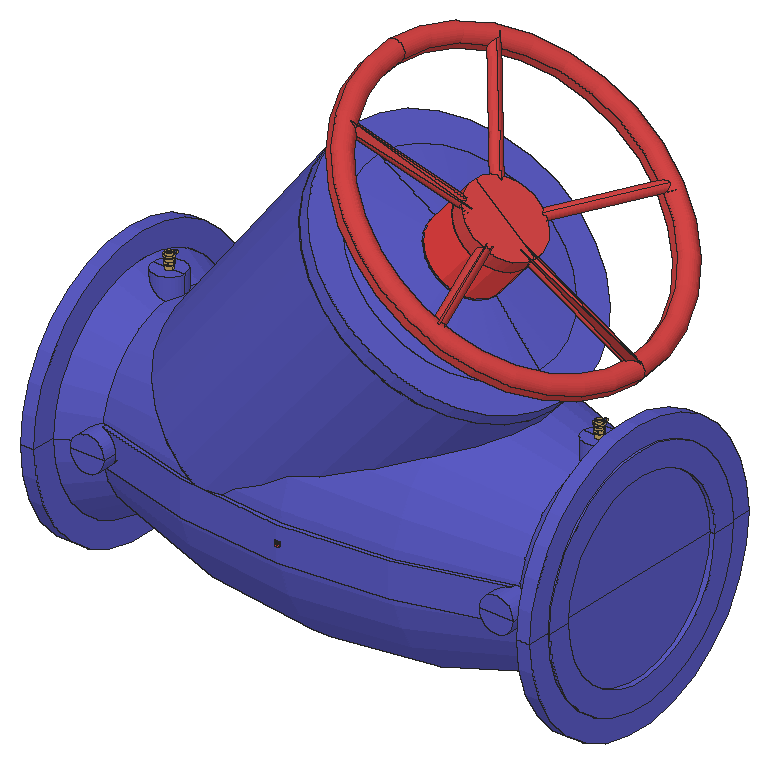
Revit family "HERZ Strömax Балансировочный клапан с измерительными клапанами, шпиндель наклонный 4220 GF PN25", category Rohrzubehör, Revit 2021
Family settings
  Bemaßung runder Anschluss = Durchmesser verwenden
  Teiletyp = Unterbricht
  OmniClass-Nummer = 23.65.55.14
  OmniClass-Titel = Valves for Liquid Services
  Arbeitsebenenbasiert = Nein
  Immer vertikal = Ja
  Beim Laden mit Abzugskörper schneiden = Nein
  Gemeinsam genutzt = Nein
Parameters
  Шпиндель = "нержавеющая сталь"  # constant formula
  Среда = "Допускается использование этилен- и пропиленгликоля в концентрации смеси 25-50% объема.\r\nКачество теплоносителя согласно ÖNORM H 5195 и VDI 2035."
  Область применения = "Для гидравлической балансировки в системах отопления или охлаждения, регулирования и перекрытия трубопроводов, стояков, теплообменников, тепловых и холодильных регистров."
  Номер заказа [instance] = size_lookup("4220_GF_25_", "Artnr", 0, Nennweite)  # 1422089
  Мин. рабочая температура = -10 °C  # constant formula
  Макс. рабочее давление = 2500000.0 Pa  # constant formula
  Макс. рабочая температура = 110 °C  # constant formula
  Корпус = "чугун с шаровидным графитом EN-GJS-400-15"  # constant formula
  Исполнение = "Балансировочный клапан STRÖMAX-GF с измерительными клапанами, DN 350-500, корпус из чугуна с шаровидным графитом GJS 400-15 в соответствии с EN 1561, фланцы в соответствии с EN 1092, PN 16 или PN 25, покрыт синей эмалью.\r\nБукса из чугуна с шаровидным графитом GJS 400-15, с неподнимающимся шпинделем, уплотнение шпинделя с посощью тройных кольцевых уплотнений.\r\nЦифровой лимб указателя настройки."
  Измерение перепада давления = "Балансировочный клапан STRÖMAX GF оборудован двумя измерительными клапанами:\r\nпри использовании соответствующего измерительного прибора можно измерить перепад давления и благодаря этому можно соответственно определить расход."
  Букса = "чугун с шаровидным графитом EN-GJS-400-15"  # constant formula
  Счетное устройство = "пластмасса"  # constant formula
  kvs-значения [instance] = if(Nennweite = 350.00 mm, 2917.6, if(Nennweite = 400.00 mm, 3854.8, if(Nennweite = 500.00 mm, 5250.6, 0)))  # 2917.6
  W02 = 60.00°  # constant formula
  W01 = 50.00°  # constant formula
  Кегель клапана = "чугун с шаровидным графитом EN-GJS-400-15 согласно EN 1561 / EPDM с покрытием"  # constant formula
  Vorgabe-Ansicht = 0.00 mm
  S01 [instance] = Nennweite + 10.00 mm  # 360.00 mm
  Регулирующий шпиндель = "нержавеющая сталь"  # constant formula
  O-Ring = "EPDM"  # constant formula
  L04 [instance] = size_lookup("4220_GF_25_", "L4", 1.00 mm, Nennweite)  # 209.00 mm
  H11 = 85.00 mm  # constant formula
  H10 [instance] = H07 + H03  # 569.50 mm
  H08 = 47.00 mm  # constant formula
  H07 = 50.00 mm  # constant formula
  H06 = 27.00 mm  # constant formula
  H05 [instance] = H04 + 25.00 mm  # 495.00 mm
  H04 [instance] = size_lookup("4220_GF_25_", "H4", 1.00 mm, Nennweite)  # 470.00 mm
  H03 [instance] = size_lookup("4220_GF_25_", "H3", 1.00 mm, Nennweite)  # 519.50 mm
  Вес [instance] = if(Nennweite = 350.00 mm, "560.0 kg", if(Nennweite = 400.00 mm, "611.0 kg", if(Nennweite = 500.00 mm, "1109.0 kg", "0")))  # "560.0 kg"
  URL = "www.herz-armaturen.ru"
  SCRNSEQ = "ARM;ARM_TYP=\"STRV\";2"
  SCRNCODE = "05;07;02"  # constant formula
  R02 [instance] = size_lookup("4220_GF_25_", "R2", 1.00 mm, Nennweite)  # 30.00 mm
  R01 [instance] = size_lookup("4220_GF_25_", "R1", 1.00 mm, Nennweite)  # 32.50 mm
  Nennweite [instance] = 350.00 mm
  L03 [instance] = size_lookup("4220_GF_25_", "L3", 1.00 mm, Nennweite)  # 410.00 mm
  L02 [instance] = size_lookup("4220_GF_25_", "L2", 1.00 mm, Nennweite)  # 390.00 mm
  L01 [instance] = size_lookup("4220_GF_25_", "L1", 1.00 mm, Nennweite)  # 397.50 mm
  L00 [instance] = size_lookup("4220_GF_25_", "L", 1.00 mm, Nennweite)  # 980.00 mm
  Hersteller = "HERZ Armaturen Ges.m.b.H."  # constant formula
  H09 [instance] = H03  # 519.50 mm
  H02 [instance] = size_lookup("4220_GF_25_", "H2", 1.00 mm, Nennweite)  # 215.00 mm
  H01 [instance] = size_lookup("4220_GF_25_", "H1", 1.00 mm, Nennweite)  # 220.00 mm
  GT = 10.00 mm  # constant formula
  FLL02 [instance] = size_lookup("4220_GF_25_", "FLL2", 1.00 mm, Nennweite)  # 26.00 mm
  FLL01 [instance] = size_lookup("4220_GF_25_", "FLL1", 1.00 mm, Nennweite)  # 4.00 mm
  FLD03 [instance] = size_lookup("4220_GF_25_", "FLD3", 1.00 mm, Nennweite)  # 177.80 mm
  FLD02 [instance] = size_lookup("4220_GF_25_", "FLD2", 1.00 mm, Nennweite)  # 214.00 mm
  FLD01 [instance] = size_lookup("4220_GF_25_", "FLD1", 1.00 mm, Nennweite)  # 219.00 mm
  FLD00 [instance] = size_lookup("4220_GF_25_", "FLD", 1.00 mm, Nennweite)  # 260.00 mm
  DN500 [instance] = Nennweite = 500.00 mm  # no
  DN400 [instance] = Nennweite = 400.00 mm  # no
  DN350 [instance] = Nennweite = 350.00 mm  # yes
  D05 = 75.00 mm  # constant formula
  D04 [instance] = size_lookup("4220_GF_25_", "D4", 1.00 mm, Nennweite)  # 58.00 mm
  D03 [instance] = size_lookup("4220_GF_25_", "D3", 1.00 mm, Nennweite)  # 240.00 mm
  D02 [instance] = D03 - 20.00 mm  # 220.00 mm
  D01 [instance] = size_lookup("4220_GF_25_", "D1", 1.00 mm, Nennweite)  # 260.00 mm
  D00 [instance] = size_lookup("4220_GF_25_", "D", 1.00 mm, Nennweite)  # 250.00 mm
  BH02 [instance] = -BH01  # -32.50 mm
  BH01 [instance] = size_lookup("4220_GF_25_", "BH1", 1.00 mm, Nennweite)  # 32.50 mm
  Anschluss [instance] = Nennweite / 2  # 175.00 mm
Reference planes
  plane 1 "Mitte (Vorne/hinten)": y = 0
  plane 2: z = 0
  plane 3 "Mitte (Links/rechts)": x = 0
Forms (mm)
  Revolve 1, solid, material "Herz-Marineblau", detail levels fine
    sketch origin (1058.943, 0, 0) x (1, 0, 0) y (0, 1, 0)
      loop
        line (-1544.943, 260) -> (-1544.943, 219) -> (-1548.943, 219) -> (-1548.943, 175) -> (-1538.943, 175) -> (-1538.943, 0) -> (-578.943, 0) -> (-578.943, 175) -> (-568.943, 175) -> (-568.943, 219) -> (-572.943, 219) -> (-572.943, 260) -> (-598.943, 260) -> (-598.943, 214) -> (-661.443, 177.8)
        arc (-661.443, 177.8) -> (-1058.943, 250) -> (-1456.443, 177.8) r 1130.326
        line (-1456.443, 177.8) -> (-1518.943, 214) -> (-1518.943, 260) -> (-1544.943, 260)
      axis (-1548.943, 0) -> (-568.943, 0)
    angle from 0 to 360
  Revolve 2, solid, material "Herz-Marineblau", detail levels fine
    sketch origin (0, 0, 0) x (1, 0, 0) y (0, 1, 0)
      loop
        line (-390, 220) -> (-422.5, 220) -> (-422.5, -220) -> (-390, -220) -> (-390, 220)
      axis (-390, 220) -> (-390, -220)
    angle from 0 to 360
  Revolve 3, solid, material "Herz-Marineblau", detail levels fine
    sketch origin (0, 0, 0) x (-1, 0, 0) y (0, 1, 0)
      loop
        line (-390, 220) -> (-422.5, 220) -> (-422.5, -220) -> (-390, -220) -> (-390, 220)
      axis (-390, 220) -> (-390, -220)
    angle from 0 to 360
  Revolve 4, solid, material "Herz-Marineblau", detail levels fine
    sketch origin (0, 0, 0) x (1, 0, 0) y (0, 0, 1)
      loop
        line (-410, 0) -> (-410, 215) -> (-440, 215) -> (-440, 0) -> (-410, 0)
      axis (-410, 215) -> (-410, 0)
    angle from 0 to 360
  Revolve 5, solid, material "Herz-Marineblau", detail levels fine
    sketch origin (0, 0, 0) x (-1, 0, 0) y (0, 0, 1)
      loop
        line (-410, 0) -> (-410, 215) -> (-440, 215) -> (-440, 0) -> (-410, 0)
      axis (-410, 215) -> (-410, 0)
    angle from 0 to 360
  Extrusion 6, solid, material "Herz-Marineblau", visible <- "DN500", detail levels fine
    sketch origin (0, 0, 0) x (1, 0, 0) y (0, 1, 0)
      loop
        arc (-475, -263.998) -> (0, -282.994) -> (475, -263.998) r 5948.094
        line (475, -263.998) -> (475, 263.998)
        arc (475, 263.998) -> (0, 282.994) -> (-475, 263.998) r 5948.094
        line (-475, 263.998) -> (-475, -263.998)
    from -32.5 <- "BH02" to 32.5 <- "BH01"
  Extrusion 7, solid, material "Herz-Marineblau", visible <- "DN400", detail levels fine
    sketch origin (0, 0, 0) x (1, 0, 0) y (0, 1, 0)
      loop
        arc (-410, -209.712) -> (0, -223.005) -> (410, -209.712) r 6329.849
        line (410, -209.712) -> (410, 209.712)
        arc (410, 209.712) -> (0, 223.005) -> (-410, 209.712) r 6329.849
        line (-410, 209.712) -> (-410, -209.712)
    from -32.5 <- "BH02" to 32.5 <- "BH01"
  Extrusion 8, solid, material "Herz-Marineblau", visible <- "DN350", detail levels fine
    sketch origin (0, 0, 0) x (1, 0, 0) y (0, 1, 0)
      loop
        arc (-390, -185.916) -> (0, -255.071) -> (390, -185.916) r 1134.286
        line (390, -185.916) -> (390, 185.916)
        arc (390, 185.916) -> (0, 255.071) -> (-390, 185.916) r 1134.286
        line (-390, 185.916) -> (-390, -185.916)
    from -32.5 <- "BH02" to 32.5 <- "BH01"
  Revolve 9, solid, material "Herz-Marineblau", detail levels fine
    sketch origin (0, 0, 0) x (1, 0, 0) y (0, 0, 1)
      loop
        line (-209, 0) -> (124.928, 397.96) -> (-74.243, 565.085) -> (-361.033, 192.188) -> (-361.781, 160.181) -> (-209, 0)
      axis (-209, 0) -> (124.928, 397.96)
    angle from 0 to 360
  Revolve 10, solid, material "Herz-Marineblau", detail levels fine
    sketch origin (0, 0, 0) x (1, 0, 0) y (0, 0, 1)
      loop
        line (124.928, 397.96) -> (157.068, 436.262) -> (99.614, 484.471) -> (97.686, 482.173)
        arc (97.686, 482.173) -> (43.802, 517.303) -> (-12.458, 548.486) r 898.044
        line (-12.458, 548.486) -> (-56.888, 585.768) -> (-74.243, 565.085) -> (124.928, 397.96)
      axis (157.068, 436.262) -> (124.928, 397.96)
    angle from 0 to 360
  Revolve 11, solid, material "Kunsstoff rot", detail levels fine
    sketch origin (0, 0, 0) x (1, 0, 0) y (0, 0, 1)
      loop
        line (157.068, 436.262) -> (211.704, 501.376) -> (154.251, 549.585) -> (99.614, 484.471) -> (157.068, 436.262)
      axis (211.704, 501.376) -> (157.068, 436.262)
    angle from 0 to 360
Lines and regions (mm)
  model lines, detail levels coarse+medium
    curve 1: line (-490, 0, 260) -> (-490, 0, -260)
    curve 2: line (-490, 0, -260) -> (490, 0, 260)
    curve 3: line (490, 0, 260) -> (490, 0, -260)
    curve 4: line (490, 0, -260) -> (-490, 0, 260)
    curve 5: line (0, 0, 0) -> (299.933, 0, 519.5)
    curve 6: line (144.049, 0, 609.5) -> (455.818, 0, 429.5)
    curve 7: line (-490, 260, 0) -> (-490, -260, 0)
    curve 8: line (-490, -260, 0) -> (490, 260, 0)
    curve 9: line (490, 260, 0) -> (490, -260, 0)
    curve 10: line (490, -260, 0) -> (-490, 260, 0)
    curve 11: line (0, 0, 0) -> (299.933, 519.5, 0)
    curve 12: line (144.049, 609.5, 0) -> (455.818, 429.5, 0)
Dimensions and locks
  "FLD00": plane 1 "Mitte (Vorne/hinten)" to Revolve 1 sketch curve
  "FLD01": plane 1 "Mitte (Vorne/hinten)" to Revolve 1 sketch curve
  "FLD02": plane 1 "Mitte (Vorne/hinten)" to Revolve 1 sketch curve  (x2)
  "FLD03": plane 1 "Mitte (Vorne/hinten)" to Revolve 1 sketch curve  (x2)
  "GT": Revolve 1 sketch curve to Revolve 1 sketch curve  (x2)
  "FLL01": Revolve 1 sketch curve to Revolve 1 sketch curve  (x2)
  "FLL02": Revolve 1 sketch curve to Revolve 1 sketch curve  (x2)
  equal spacing: Revolve 1 sketch curve, plane 3 "Mitte (Links/rechts)", Revolve 1 sketch curve
  "Anschluss": Revolve 1 sketch curve to plane 1 "Mitte (Vorne/hinten)"
  "Anschluss": plane 1 "Mitte (Vorne/hinten)" to Revolve 1 sketch curve
  "FLD01": Revolve 1 sketch curve to plane 1 "Mitte (Vorne/hinten)"
  "FLD00": Revolve 1 sketch curve to plane 1 "Mitte (Vorne/hinten)"
  "L00": Revolve 1 sketch curve to Revolve 1 sketch curve
  "D00": plane 1 "Mitte (Vorne/hinten)" to Revolve 1 sketch curve
  "L01": Revolve 1 sketch curve to plane 3 "Mitte (Links/rechts)" to Revolve 1 sketch curve
  "L02": Revolve 2 sketch curve to plane 3 "Mitte (Links/rechts)"
  "R01": Revolve 2 sketch curve to Revolve 2 sketch curve
  "H01": Revolve 2 sketch curve to plane 1 "Mitte (Vorne/hinten)" to Revolve 2 sketch curve
  "L02": plane 3 "Mitte (Links/rechts)" to Revolve 3 sketch curve
  "R01": Revolve 3 sketch curve to Revolve 3 sketch curve
  "H01": Revolve 3 sketch curve to plane 1 "Mitte (Vorne/hinten)" to Revolve 3 sketch curve
  "L03": plane 3 "Mitte (Links/rechts)" to Revolve 4 sketch curve
  "R02": Revolve 4 sketch curve to Revolve 4 sketch curve
  "H02": Revolve 4 sketch curve to plane 2
  "R02": Revolve 5 sketch curve to Revolve 5 sketch curve
  "L03": Revolve 5 sketch curve to plane 3 "Mitte (Links/rechts)"
  "H02": Revolve 5 sketch curve to plane 2
  "L03": plane 3 "Mitte (Links/rechts)" to nested 1
  "L03": nested 2 to plane 3 "Mitte (Links/rechts)"
  "H02": nested 1 to plane 2
  "H02": nested 2 to plane 2
  "FLD00": curve 4 to plane 2 to curve 2
  "FLD00": curve 3 to plane 2 to curve 4
  equal spacing: curve 1, plane 3 "Mitte (Links/rechts)", curve 3
  "L00": curve 1 to curve 3
  "H09": curve 5 to plane 2
  equal spacing: curve 1, curve 5, curve 3
  equal spacing: curve 6, curve 5, curve 6
  "S01": curve 6 to curve 6
  "FLD00": curve 8 to plane 1 "Mitte (Vorne/hinten)" to curve 10
  "FLD00": curve 10 to plane 1 "Mitte (Vorne/hinten)" to curve 9
  equal spacing: curve 7, plane 3 "Mitte (Links/rechts)", curve 9
  "L00": curve 7 to curve 9
  equal spacing: curve 7, curve 11, curve 9
  "H09": plane 1 "Mitte (Vorne/hinten)" to curve 11
  equal spacing: curve 12, curve 11, curve 12
  "S01": curve 12 to curve 12
  "L04": plane 3 "Mitte (Links/rechts)" to Revolve 9 sketch curve  (x2)
  "H03": Revolve 9 sketch curve to Revolve 9 sketch curve
  "D02": Revolve 9 sketch curve to Revolve 9 sketch curve
  "H05": Revolve 9 sketch curve to Revolve 9 sketch curve
  "H04": Revolve 9 sketch curve to Revolve 9 sketch curve
  "D03": Revolve 9 sketch curve to Revolve 9 sketch curve
  "H03": Revolve 10 sketch curve to Revolve 10 sketch curve
  "D01": Revolve 10 sketch curve to Revolve 10 sketch curve  (x2)
  "D04": Revolve 10 sketch curve to Revolve 10 sketch curve
  "D05": Revolve 10 sketch curve to Revolve 10 sketch curve
  "H06": Revolve 9 to Revolve 10 sketch curve
  "H07": Revolve 9 to Revolve 10 sketch curve
  "H08": Revolve 9 to Revolve 10 sketch curve
  "L04": plane 3 "Mitte (Links/rechts)" to Revolve 10 sketch curve
  "D01": Revolve 9 sketch curve to Revolve 9 sketch curve
  "L04": plane 3 "Mitte (Links/rechts)" to Revolve 11 sketch curve
  "H11": Revolve 10 to Revolve 11 sketch curve
  "D05": Revolve 11 sketch curve to Revolve 11 sketch curve  (x2)
  "H10": Revolve 11 sketch curve to Revolve 11 sketch curve
  "W02": angle plane 2 to curve 5
  "W02": angle plane 1 "Mitte (Vorne/hinten)" to curve 11
  "W01": angle plane 2 to Revolve 9 sketch curve  (x2)
  "W01": angle plane 2 to Revolve 10 sketch curve  (x2)
  "W01": angle plane 2 to Revolve 11 sketch curve  (x2)
  aligned and locked: level to plane 2
Automatic sketch dimensions
  Extrusion 6 sketch curve to plane 3 "Mitte (Links/rechts)" = 0.00 mm  (x2)
  plane 1 "Mitte (Vorne/hinten)" to Extrusion 6 sketch curve = 263.998 mm
  Extrusion 6 sketch curve to plane 3 "Mitte (Links/rechts)" = 475.00 mm
  Extrusion 6 sketch curve to Extrusion 6 sketch curve = 5401.102 mm
  Extrusion 6 sketch curve to plane 1 "Mitte (Vorne/hinten)" = 5665.10 mm
  Extrusion 6 sketch curve to plane 1 "Mitte (Vorne/hinten)" = 263.998 mm  (x2)
  Extrusion 7 sketch curve to plane 3 "Mitte (Links/rechts)" = 0.00 mm  (x2)
  plane 1 "Mitte (Vorne/hinten)" to Extrusion 7 sketch curve = 209.712 mm  (x2)
  Extrusion 7 sketch curve to plane 3 "Mitte (Links/rechts)" = 410.00 mm
  Extrusion 7 sketch curve to Extrusion 7 sketch curve = 5897.131 mm
  Extrusion 7 sketch curve to plane 1 "Mitte (Vorne/hinten)" = 6106.844 mm
  Extrusion 7 sketch curve to plane 1 "Mitte (Vorne/hinten)" = 209.712 mm
  Extrusion 8 sketch curve to plane 3 "Mitte (Links/rechts)" = 0.00 mm  (x2)
  plane 1 "Mitte (Vorne/hinten)" to Extrusion 8 sketch curve = 185.916 mm
  Extrusion 8 sketch curve to plane 3 "Mitte (Links/rechts)" = 390.00 mm
  Extrusion 8 sketch curve to Extrusion 8 sketch curve = 693.298 mm
  Extrusion 8 sketch curve to plane 1 "Mitte (Vorne/hinten)" = 879.214 mm
  Extrusion 8 sketch curve to plane 1 "Mitte (Vorne/hinten)" = 185.916 mm  (x2)
  plane 1 "Mitte (Vorne/hinten)" to Revolve 1 sketch curve = 0.00 mm  (x2)
  Revolve 1 sketch curve to Revolve 1 sketch curve = 35.00 mm
  Revolve 1 sketch curve to Revolve 1 sketch curve = 40.00 mm
  Revolve 2 sketch curve to Revolve 2 sketch curve = 0.00 mm  (x3)
  Revolve 3 sketch curve to Revolve 3 sketch curve = 0.00 mm  (x3)
  Revolve 4 sketch curve to level = 0.00 mm  (x2)
  Revolve 4 sketch curve to Revolve 4 sketch curve = 0.00 mm  (x2)
  Revolve 5 sketch curve to level = 0.00 mm  (x2)
  Revolve 5 sketch curve to Revolve 5 sketch curve = 0.00 mm  (x2)
  Revolve 9 sketch curve to level = 0.00 mm  (x2)
  Revolve 10 sketch curve to level = 0.00 mm
  Revolve 10 sketch curve to level = 252.062 mm
  Revolve 11 sketch curve to level = 0.00 mm
Nested families
  nested 1: "Messstutzen_Band_Eintritt_senkrecht_(oben)" at (-410, 0, 206), type "Messstutzen_Band_Eintritt_senkrecht_(oben)", detail levels fine
    with Schutzkappe yes, Nennweite 0.00 mm, Gewicht 0.00 kg, Bestellnummer 0
  nested 2: "Messstutzen_Band_Austritt_senkrecht_(oben)" at (410, 0, 206), type "Messstutzen_Band_Austritt_senkrecht_(oben)", detail levels fine
    with Schutzkappe yes, Nennweite 0.00 mm, Gewicht 0.00 kg, Bestellnummer 0
  nested 3: "Herz-Logo-vorne" at (0, -282.994, 0) x (0, 1, 0) z (0, 0, 1), visible <- "DN500", type "Herz-Logo-vorne", detail levels fine
  nested 4: "Herz-Logo-vorne" at (0, -221.503, 0) x (0, 1, 0) z (0, 0, 1), visible <- "DN400", type "Herz-Logo-vorne", detail levels fine
  nested 5: "Herz-Logo-vorne" at (0, -255.053, 0) x (0, 1, 0) z (0, 0, 1), visible <- "DN350", type "Herz-Logo-vorne", detail levels fine
  nested 6: "Strangregulierventil-Handrad_VOLL-Schräg (Rot) DN350-DN400" at (211.704, 0, 501.376), visible <- "DN350", type "Strangregulierventil-Handrad_VOLL-Schräg (Rot) DN350-DN400"
    with DN300 yes
  nested 7: "Strangregulierventil-Handrad_VOLL-Schräg (Rot) DN350-DN400" at (230.272, 0, 547.339), visible <- "DN400", type "Strangregulierventil-Handrad_VOLL-Schräg (Rot) DN350-DN400"
    with DN300 yes
  nested 8: "Strangregulierventil-Handrad_VOLL-Schräg (Rot) DN500" at (262.637, 0, 616.896), visible <- "DN500", type "Strangregulierventil-Handrad_VOLL-Schräg (Rot) DN500", detail levels fine
    with DN300 yes
Connectors
  piping at (-490, 0, 0), diameter 350, driven by "Nennweite"
    settings: on Revolve 1, index 1, connector inside diameter 609.6 mm, connector length 0.00 mm, flow factor 0, pipe flow 0.0 L/s, pressure drop 0.0 Pa, fitting loss kfactor 0, connector angle 0.00°, fixture units 0, engagement length 0.00 mm, angle of deflection 0.00°, flow configuration 0, flow direction 1, fitting loss method 0, system type 29, joint type 0, gender type 0, connector reference index -1, connector utility 0, adjustable connector no, is connector primary yes, connector description ""
  piping at (490, 0, 0), diameter 350, driven by "Nennweite"
    settings: on Revolve 1, index 2, connector inside diameter 609.6 mm, connector length 0.00 mm, flow factor 0, pipe flow 0.0 L/s, pressure drop 0.0 Pa, fitting loss kfactor 0, connector angle 0.00°, fixture units 0, engagement length 0.00 mm, angle of deflection 0.00°, flow configuration 0, flow direction 2, fitting loss method 0, system type 29, joint type 0, gender type 0, connector reference index -1, connector utility 0, adjustable connector no, is connector primary no, connector description ""
Definition of nested family "Messstutzen_Band_Eintritt_senkrecht_(oben)"
  Parameters (values of type "Messstutzen_Band_Eintritt_senkrecht_(oben)")
    Default Elevation = 0.00 mm
    URL = "www.herz-armaturen.at"
    Schutzkappe [instance] = yes
    Nennweite [instance] = 0.00 mm
    Manufacturer = "Herz Armaturen GmbH"  # constant formula
    Gewicht [instance] = 0.00 kg
    Bestellnummer [instance] = 0
  Reference planes
    plane 1 "Mitte (Vorne/hinten)": y = 0
    plane 2: z = 0
    plane 3 "Mitte (Links/rechts)": x = 0
    plane 4 "Schlaufe 1": z = -27
    plane 5 "Schlaufe 2": z = -31.678
  Forms (mm)
    Revolve 1, solid, detail levels fine
      sketch origin (0, 0, 0) x (1, 0, 0) y (0, 0, 1)
        loop
          line (-7.4, 9) -> (-5.55, 9) -> (-5.55, 6)
          arc (-5.55, 6) -> (-5.626, 5.617) -> (-5.843, 5.293) r 1
          line (-5.843, 5.293) -> (-6.455, 4.681) -> (-6.455, 0.9) -> (-5.555, 0) -> (-2, 0) -> (-2, 17.5) -> (-8.4, 17.5)
          arc (-8.4, 17.5) -> (-7.693, 17.207) -> (-7.4, 16.5) r 1
          line (-7.4, 16.5) -> (-7.4, 9)
        loop
          line (-3.7, 27) -> (-7.3, 27) -> (-7.9, 26.4) -> (-7.9, 23) -> (-2, 23) -> (-2, 35.8) -> (-3.805, 35.8) -> (-4.415, 35.19) -> (-4.415, 30.863) -> (-3.7, 30.45) -> (-3.7, 27)
        axis (0, 0) -> (0, 35.8)
      angle from 0 to 360
    Extrusion 2, solid, detail levels fine
      sketch origin (0, 0, 17.5) x (0, 1, 0) y (-1, 0, 0)
        loop
          arc (-7.07, 5.156) -> (-7.578, 4.375) -> (-8, 3.544) r 8.75
          line (-8, 3.544) -> (-8, -3.544)
          arc (-8, -3.544) -> (-7.578, -4.375) -> (-7.07, -5.156) r 8.75
          line (-7.07, -5.156) -> (-0.93, -8.7)
          arc (-0.93, -8.7) -> (0, -8.75) -> (0.93, -8.7) r 8.75
          line (0.93, -8.7) -> (7.07, -5.156)
          arc (7.07, -5.156) -> (7.578, -4.375) -> (8, -3.544) r 8.75
          line (8, -3.544) -> (8, 3.544)
          arc (8, 3.544) -> (7.578, 4.375) -> (7.07, 5.156) r 8.75
          line (7.07, 5.156) -> (0.93, 8.7)
          arc (0.93, 8.7) -> (0, 8.75) -> (-0.93, 8.7) r 8.75
          line (-0.93, 8.7) -> (-7.07, 5.156)
      from 0 to 5.5
    Revolve 3, solid, visible <- "Schutzkappe", detail levels fine
      sketch origin (0, 0, 0) x (1, 0, 0) y (0, 0, 1)
        loop
          line (0, 35.878) -> (0, 36.678) -> (-7, 36.678) -> (-7, 33.378) -> (-6.1, 33.378) -> (-6.1, 31.678) -> (-6.9, 31.678) -> (-6.9, 30.178) -> (-4.415, 30.178) -> (-4.415, 35.268) -> (-3.805, 35.878) -> (0, 35.878)
        axis (0, 30.178) -> (0, 36.678)
      angle from 0 to 360
    Extrusion 4, solid, detail levels fine
      sketch origin (0, 0, 28.5) x (1, 0, 0) y (0, 1, 0)
        loop
          circle (0, 0) r 3.7
        loop
          arc (-3.906, 5.505) -> (0, -6.75) -> (3.906, 5.505) r 6.75
          arc (3.906, 5.505) -> (2.358, 7.288) -> (1.8, 9.582) r 5
          line (1.8, 9.582) -> (-1.8, 9.582)
          arc (-1.8, 9.582) -> (-2.358, 7.288) -> (-3.906, 5.505) r 5
      from 0 to -1.5
    Extrusion 5, solid, detail levels fine
      sketch origin (0, 0, 33.178) x (1, 0, 0) y (0, 1, 0)
        loop
          circle (0, 0) r 6.1
        loop
          arc (-4.495, 8.652) -> (0, -9.75) -> (4.495, 8.652) r 9.75
          arc (4.495, 8.652) -> (2.527, 10.493) -> (1.8, 13.089) r 5
          line (1.8, 13.089) -> (-1.8, 13.089)
          arc (-1.8, 13.089) -> (-2.527, 10.493) -> (-4.495, 8.652) r 5
      from 0 to -1.5
    Sweep 6, solid, detail levels fine
      path origin (0, 0, 0) x (0, 0, -1) y (0, -1, 0)
        loop
          line (-27.75, -9.582) -> (-27.75, -14.522)
          arc (-27.75, -14.522) -> (-30.089, -16.862) -> (-32.428, -14.522) r 2.339
          line (-32.428, -14.522) -> (-32.428, -13.089)
      profile origin (0, 12.052, 27.75) x (0, 0, 1) y (1, 0, 0)
        loop
          line (-0.75, -1.8) -> (0.75, -1.8) -> (0.75, 1.8) -> (-0.75, 1.8) -> (-0.75, -1.8)
  Dimensions and locks
    aligned and locked: level to plane 2
Definition of nested family "Messstutzen_Band_Austritt_senkrecht_(oben)"
  Parameters (values of type "Messstutzen_Band_Austritt_senkrecht_(oben)")
    Default Elevation = 0.00 mm
    URL = "www.herz-armaturen.at"
    Schutzkappe [instance] = yes
    Nennweite [instance] = 0.00 mm
    Manufacturer = "Herz Armaturen GmbH"  # constant formula
    Gewicht [instance] = 0.00 kg
    Bestellnummer [instance] = 0
  Reference planes
    plane 1 "Mitte (Vorne/hinten)": y = 0
    plane 2: z = 0
    plane 3 "Mitte (Links/rechts)": x = 0
    plane 4 "Schlaufe 1": z = -27
    plane 5 "Schlaufe 2": z = -31.678
  Forms (mm)
    Revolve 1, solid, detail levels fine
      sketch origin (0, 0, 0) x (1, 0, 0) y (0, 0, 1)
        loop
          line (-7.4, 9) -> (-5.55, 9) -> (-5.55, 6)
          arc (-5.55, 6) -> (-5.626, 5.617) -> (-5.843, 5.293) r 1
          line (-5.843, 5.293) -> (-6.455, 4.681) -> (-6.455, 0.9) -> (-5.555, 0) -> (-2, 0) -> (-2, 17.5) -> (-8.4, 17.5)
          arc (-8.4, 17.5) -> (-7.693, 17.207) -> (-7.4, 16.5) r 1
          line (-7.4, 16.5) -> (-7.4, 9)
        loop
          line (-3.7, 27) -> (-7.3, 27) -> (-7.9, 26.4) -> (-7.9, 23) -> (-2, 23) -> (-2, 35.8) -> (-3.805, 35.8) -> (-4.415, 35.19) -> (-4.415, 30.863) -> (-3.7, 30.45) -> (-3.7, 27)
        axis (0, 0) -> (0, 35.8)
      angle from 0 to 360
    Extrusion 2, solid, detail levels fine
      sketch origin (0, 0, 17.5) x (0, 1, 0) y (-1, 0, 0)
        loop
          arc (-7.07, 5.156) -> (-7.578, 4.375) -> (-8, 3.544) r 8.75
          line (-8, 3.544) -> (-8, -3.544)
          arc (-8, -3.544) -> (-7.578, -4.375) -> (-7.07, -5.156) r 8.75
          line (-7.07, -5.156) -> (-0.93, -8.7)
          arc (-0.93, -8.7) -> (0, -8.75) -> (0.93, -8.7) r 8.75
          line (0.93, -8.7) -> (7.07, -5.156)
          arc (7.07, -5.156) -> (7.578, -4.375) -> (8, -3.544) r 8.75
          line (8, -3.544) -> (8, 3.544)
          arc (8, 3.544) -> (7.578, 4.375) -> (7.07, 5.156) r 8.75
          line (7.07, 5.156) -> (0.93, 8.7)
          arc (0.93, 8.7) -> (0, 8.75) -> (-0.93, 8.7) r 8.75
          line (-0.93, 8.7) -> (-7.07, 5.156)
      from 0 to 5.5
    Revolve 3, solid, visible <- "Schutzkappe", detail levels fine
      sketch origin (0, 0, 0) x (1, 0, 0) y (0, 0, 1)
        loop
          line (0, 35.878) -> (0, 36.678) -> (-7, 36.678) -> (-7, 33.378) -> (-6.1, 33.378) -> (-6.1, 31.678) -> (-6.9, 31.678) -> (-6.9, 30.178) -> (-4.415, 30.178) -> (-4.415, 35.268) -> (-3.805, 35.878) -> (0, 35.878)
        axis (0, 30.178) -> (0, 36.678)
      angle from 0 to 360
    Extrusion 4, solid, detail levels fine
      sketch origin (0, 0, 28.5) x (1, 0, 0) y (0, 1, 0)
        loop
          circle (0, 0) r 3.7
        loop
          arc (-3.906, 5.505) -> (0, -6.75) -> (3.906, 5.505) r 6.75
          arc (3.906, 5.505) -> (2.358, 7.288) -> (1.8, 9.582) r 5
          line (1.8, 9.582) -> (-1.8, 9.582)
          arc (-1.8, 9.582) -> (-2.358, 7.288) -> (-3.906, 5.505) r 5
      from 0 to -1.5
    Extrusion 5, solid, detail levels fine
      sketch origin (0, 0, 33.178) x (1, 0, 0) y (0, 1, 0)
        loop
          circle (0, 0) r 6.1
        loop
          arc (-4.495, 8.652) -> (0, -9.75) -> (4.495, 8.652) r 9.75
          arc (4.495, 8.652) -> (2.527, 10.493) -> (1.8, 13.089) r 5
          line (1.8, 13.089) -> (-1.8, 13.089)
          arc (-1.8, 13.089) -> (-2.527, 10.493) -> (-4.495, 8.652) r 5
      from 0 to -1.5
    Sweep 6, solid, detail levels fine
      path origin (0, 0, 0) x (0, 0, -1) y (0, -1, 0)
        loop
          line (-27.75, -9.582) -> (-27.75, -14.522)
          arc (-27.75, -14.522) -> (-30.089, -16.862) -> (-32.428, -14.522) r 2.339
          line (-32.428, -14.522) -> (-32.428, -13.089)
      profile origin (0, 12.052, 27.75) x (0, 0, 1) y (1, 0, 0)
        loop
          line (-0.75, -1.8) -> (0.75, -1.8) -> (0.75, 1.8) -> (-0.75, 1.8) -> (-0.75, -1.8)
  Dimensions and locks
    aligned and locked: level to plane 2
Definition of nested family "Herz-Logo-vorne"
  Parameters (values of type "Herz-Logo-vorne")
    Default Elevation = 0.00 mm
  Reference planes
    plane 1 "Mitte (Vorne/hinten)": y = 0
    plane 2: z = 0
    plane 3 "Mitte (Links/rechts)": x = 0
  Forms (mm)
    Extrusion 1, solid
      sketch origin (0.732, -0.018, 0.017) x (0, -1, 0) y (0, 0, 1)
        loop
          line (-0.018, -4.517) -> (4.482, -4.517) -> (4.482, 4.483) -> (-4.518, 4.483) -> (-4.518, -4.517) -> (-0.018, -4.517)
        loop
          line (-0.05, -3.48) -> (3.482, -3.48) -> (3.482, 3.483) -> (-3.518, 3.483) -> (-3.518, -3.48) -> (-0.05, -3.48)
        loop
          arc (-0.018, 2.383) -> (-1.543, 3.287) -> (-3.067, 2.383) r 1.738
          arc (-3.067, 2.383) -> (-3.191, 1.899) -> (-3.067, 1.415) r 1.009
          line (-3.067, 1.415) -> (-0.018, -3.281) -> (3.032, 1.415)
          arc (3.032, 1.415) -> (3.156, 1.899) -> (3.032, 2.383) r 1.009
          arc (3.032, 2.383) -> (1.507, 3.287) -> (-0.018, 2.383) r 1.738
        loop
          arc (1.885, 1.272) -> (2.005, 1.675) -> (1.885, 2.079) r 0.74
          arc (1.885, 2.079) -> (1.265, 2.416) -> (0.644, 2.079) r 0.74
          line (0.644, 2.079) -> (-0.018, 0.97) -> (-0.679, 2.079)
          arc (-0.679, 2.079) -> (-1.3, 2.416) -> (-1.921, 2.079) r 0.74
          arc (-1.921, 2.079) -> (-2.04, 1.675) -> (-1.921, 1.272) r 0.74
          line (-1.921, 1.272) -> (-0.018, -1.658) -> (1.885, 1.272)
      from 0 to 1.5
  Dimensions and locks
    aligned and locked: level to plane 2
Definition of nested family "Strangregulierventil-Handrad_VOLL-Schräg (Rot) DN350-DN400"
  Parameters (values of type "Strangregulierventil-Handrad_VOLL-Schräg (Rot) DN350-DN400")
    Default Elevation = 0.00 mm
    DN300 [instance] = yes
  Reference planes
    plane 1 "Mitte (Vorne/hinten)": y = 0
    plane 2: z = 0
    plane 3 "Mitte (Links/rechts)": x = 0
  Forms (mm)
    Revolve 1, solid, detail levels fine
      sketch origin (0, 0, 0) x (0.766044, 0, -0.642788) y (0.642788, 0, 0.766044)
        loop
          line (0, 0) -> (0, 30) -> (-75, 30) -> (-75, 0) -> (0, 0)
        loop
          line (-316.85, 58.85) -> (-316.85, 42.85) -> (-280.85, 42.85) -> (-280.85, 58.85)
          arc (-280.85, 58.85) -> (-298.85, 76.85) -> (-316.85, 58.85) r 18
        axis (0, 58.85) -> (0, 0)
      angle from 0 to 360
    Revolve 2, solid, detail levels fine
      sketch origin (0, 0, 0) x (0.766044, 0, -0.642788) y (0.642788, 0, 0.766044)
        loop
          line (299.245, 74.817) -> (49.107, 26.195) -> (50.831, 16.343) -> (301.153, 65.001) -> (299.245, 74.817)
        axis (50.832, 16.338) -> (301.154, 64.996)
      angle from 0 to 360
    Revolve 3, solid, detail levels fine
      sketch origin (0, 0, 0) x (0.236721, 0.951057, -0.198632) y (0.642788, 0, 0.766044)
        loop
          line (299.245, 74.817) -> (49.107, 26.195) -> (50.831, 16.343) -> (301.153, 65.001) -> (299.245, 74.817)
        axis (50.832, 16.338) -> (301.154, 64.996)
      angle from 0 to 360
    Revolve 4, solid, detail levels fine
      sketch origin (0, 0, 0) x (-0.619743, 0.587785, 0.520026) y (0.642788, 0, 0.766044)
        loop
          line (299.245, 74.817) -> (49.107, 26.195) -> (50.831, 16.343) -> (301.153, 65.001) -> (299.245, 74.817)
        axis (50.832, 16.338) -> (301.154, 64.996)
      angle from 0 to 360
    Revolve 5, solid, detail levels fine
      sketch origin (0, 0, 0) x (-0.619743, -0.587785, 0.520026) y (0.642788, 0, 0.766044)
        loop
          line (299.245, 74.817) -> (49.107, 26.195) -> (50.831, 16.343) -> (301.153, 65.001) -> (299.245, 74.817)
        axis (50.832, 16.338) -> (301.154, 64.996)
      angle from 0 to 360
    Revolve 6, solid, detail levels fine
      sketch origin (0, 0, 0) x (0.236721, -0.951057, -0.198632) y (0.642788, 0, 0.766044)
        loop
          line (299.245, 74.817) -> (49.107, 26.195) -> (50.831, 16.343) -> (301.153, 65.001) -> (299.245, 74.817)
        axis (50.832, 16.338) -> (301.154, 64.996)
      angle from 0 to 360
  Dimensions and locks
    Revolve 1 sketch curve to plane 2 = 255.179 mm
    Revolve 1 sketch curve to Revolve 1 sketch curve = 30.00 mm
    aligned and locked: level to plane 2
Definition of nested family "Strangregulierventil-Handrad_VOLL-Schräg (Rot) DN500"
  Parameters (values of type "Strangregulierventil-Handrad_VOLL-Schräg (Rot) DN500")
    Default Elevation = 0.00 mm
    DN300 [instance] = yes
  Reference planes
    plane 1 "Mitte (Vorne/hinten)": y = 0
    plane 2: z = 0
    plane 3 "Mitte (Links/rechts)": x = 0
  Forms (mm)
    Revolve 1, solid, detail levels fine
      sketch origin (0, 0, 0) x (0.766044, 0, -0.642788) y (0.642788, 0, 0.766044)
        loop
          line (0, 0) -> (0, 30) -> (-75, 30) -> (-75, 0) -> (0, 0)
        loop
          circle (-400, 94.75) r 16.85
        axis (0, 94.75) -> (0, 0)
      angle from 0 to 360
    Revolve 2, solid, detail levels fine
      sketch origin (0, 0, 0) x (0.766044, 0, -0.642788) y (0.642788, 0, 0.766044)
        loop
          line (400.44, 94.852) -> (397.067, 109.46) -> (48.97, 25.68) -> (51.251, 14.235) -> (400.44, 94.852)
        axis (51.251, 14.235) -> (400.44, 94.852)
      angle from 0 to 360
    Revolve 3, solid, detail levels fine
      sketch origin (0, 0, 0) x (0.383022, 0.866025, -0.321394) y (0.642788, 0, 0.766044)
        loop
          line (400.44, 94.852) -> (397.067, 109.46) -> (48.97, 25.68) -> (51.251, 14.235) -> (400.44, 94.852)
        axis (51.251, 14.235) -> (400.44, 94.852)
      angle from 0 to 360
    Revolve 4, solid, detail levels fine
      sketch origin (0, 0, 0) x (-0.383022, 0.866025, 0.321394) y (0.642788, 0, 0.766044)
        loop
          line (400.44, 94.852) -> (397.067, 109.46) -> (48.97, 25.68) -> (51.251, 14.235) -> (400.44, 94.852)
        axis (51.251, 14.235) -> (400.44, 94.852)
      angle from 0 to 360
    Revolve 5, solid, detail levels fine
      sketch origin (0, 0, 0) x (-0.766044, 0, 0.642788) y (0.642788, 0, 0.766044)
        loop
          line (400.44, 94.852) -> (397.067, 109.46) -> (48.97, 25.68) -> (51.251, 14.235) -> (400.44, 94.852)
        axis (51.251, 14.235) -> (400.44, 94.852)
      angle from 0 to 360
    Revolve 6, solid, detail levels fine
      sketch origin (0, 0, 0) x (-0.383022, -0.866025, 0.321394) y (0.642788, 0, 0.766044)
        loop
          line (400.44, 94.852) -> (397.067, 109.46) -> (48.97, 25.68) -> (51.251, 14.235) -> (400.44, 94.852)
        axis (51.251, 14.235) -> (400.44, 94.852)
      angle from 0 to 360
    Revolve 7, solid, detail levels fine
      sketch origin (0, 0, 0) x (0.383022, -0.866025, -0.321394) y (0.642788, 0, 0.766044)
        loop
          line (400.44, 94.852) -> (397.067, 109.46) -> (48.97, 25.68) -> (51.251, 14.235) -> (400.44, 94.852)
        axis (51.251, 14.235) -> (400.44, 94.852)
      angle from 0 to 360
  Dimensions and locks
    Revolve 1 sketch curve to Revolve 1 sketch curve = 30.00 mm
    Revolve 1 sketch curve to Revolve 1 sketch curve = 416.85 mm
    Revolve 1 sketch curve to level = 346.548 mm
    Revolve 1 sketch curve to Revolve 1 sketch curve = 75.00 mm
    aligned and locked: level to plane 2
